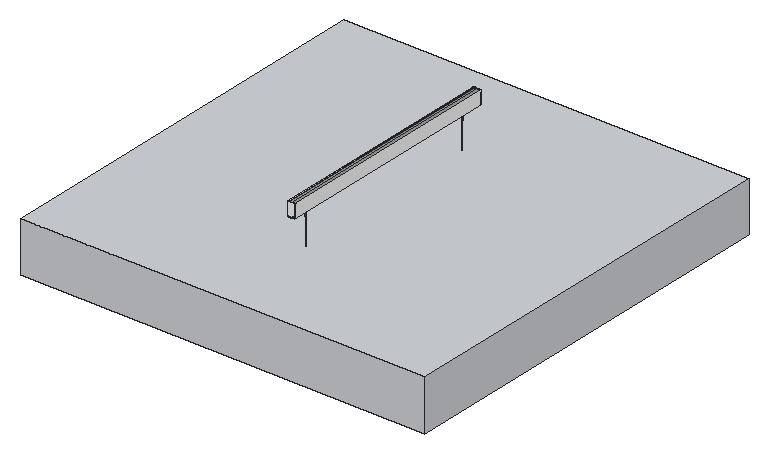
Revit family "LAMP_FIL 45 1400MM D-I OPAL COMFORT", category Luminarias, Revit 2018
Family settings
  Anfitrión = Cara
  Cota de conector redondo = Diámetro de uso
  Tipo de pieza = Normal
  Corte con vacíos al cargar = No
  Origen de luz = Sí
  Compartido = No
  Punto de cálculo de habitación = No
Parameters (values of type "5000LM 3000K  BLACK")
  Ángulo de inclinación = -90.00°
  Weight = 3.20 kg
  Wattage = 23.31 W
  UGR = "00"
  Type = "MID POWER TRIDONIC"
  built-in parameter 1150107 = 3000 (stored number, unit not read)
  Suspension distance [instance] = if(Suspension > 4000 mm, 4000 mm, if(Suspension < 1 mm, 1 mm, Suspension))  # 200 mm
  Suspension [instance] = 200 mm
  built-in parameter 1150110 = 1 (stored number, unit not read)
  built-in parameter 1150109 = 1 (stored number, unit not read)
  built-in parameter 1150112 = 1 (stored number, unit not read)
  built-in parameter 1150113 = 1 (stored number, unit not read)
  built-in parameter 1114218 = 1 (stored number, unit not read)
  Protection rating = "IP20 / IK07"
  Product datasheet = "http://www.lamp.es/product-files/TECH/F41SF140MOIP830NB-EN.pdf"
  Product code = "F41SF140MOIP830NB"
  Product URL = "https://www.lamp.es/en/family/fil-45_413951"
  Power Supply = "220-240V 50/60Hz"
  Power = 30 W
  Plum = 33.3 W
  Photobiological risk = ""
  NOT COVER 2 [instance] = not(END COVER 2)  # no
  NOT COVER 1 [instance] = not(END COVER 1)  # no
  built-in parameter 1150137 = (empty or 0)
  built-in parameter 1150132 = 2
  Modelo = Product code  # "F41SF140MOIP830NB"
  Model Explanation = ""
  Material suspension = LAMP_Acero genérico
  Material perfil = LAMP_Aluminio Perfil Fil NG
  Material difusor = LAMP_PC Difusor Opal Fil
  Manufacturer name = "LAMP"
  Manufacturer country = "Spain"
  Manufacturer URL = "http://www.lamp.es/en"
  MacAdam = "3"
  Longitud de línea de emisión = 1400 mm
  Last update = "21/04/2021"
  Lamp = "MID-POWER LED"
  LED Lifetime = "70.000 L80 B10"
  built-in parameter 1150105 = 175.85 (stored number, unit not read)
  built-in parameter 1150102 = (empty or 0)
  Insulation class = "I"
  Installation instructions = "https://www.lamp.es/product-files/INS/1004580-C%20INSTR.%20FIL45.pdf"
  Indirect light = LAMP_FIL 45 1400MM D-I OPAL COMFORT_I : 3000K
  built-in parameter 1150106 = 1.7585 (stored number, unit not read)
  IEE = "A+"
  Gear = "Electronic"
  Lumens = 2209.79 lm
  Finish = "Matte black RAL 9011"
  Color Filter = 16777215
  built-in parameter 1114217 = 1 (stored number, unit not read)
  built-in parameter 1150139 = (empty or 0)
  Fabricante = Manufacturer name  # "LAMP"
  Default Elevation = 1219.2 mm
  built-in parameter 1150104 = 8.8072 (stored number, unit not read)
  Efficacy = 94.8 lm/W
  END COVER 2 [instance] = yes
  END COVER 1 [instance] = yes
  Dimensions = "1400x45x80"
  Descripción = "FIL45 SUR 1400 5000 WW D/I OP COMF BK."
  built-in parameter 1150115 = 1 (stored number, unit not read)
  built-in parameter 1150114 = 1 (stored number, unit not read)
  built-in parameter 1150138 = (empty or 0)
  built-in parameter 1150134 = 3
  Dimming Lamp Color Temperature Shift = (empty or 0)
  CRI = "80"
  Archivo de red fotométrica = "F41SF140MOIP830NW_D.IES"
  built-in parameter 1150133 = 10 (stored number, unit not read)
Types (12, lengths in mm): name | Weight | built-in parameter 1150107 | Product datasheet | Product code | Modelo | Material perfil | built-in parameter 1150105 | Indirect light | built-in parameter 1150106 | Lumens | Finish | built-in parameter 1150104 | Efficacy | Descripción | Archivo de red fotométrica
  5000LM 3000K DALI BLACK | 3.348 kg | 3000 (stored number, unit not read) | "http://www.lamp.es/product-files/TECH/F41SF140MOIP830DB-EN.pdf" | "F41SF140MOIP830DB" | "F41SF140MOIP830DB" | LAMP_Aluminio Perfil Fil NG | 157.3 (stored number, unit not read) | LAMP_FIL 45 1400MM D-I OPAL COMFORT_I : 3000K | 1.573 (stored number, unit not read) | 1976.69 lm | "Matte black RAL 9011" | 7.8782 (stored number, unit not read) | 94.8 lm/W | "FIL45 SUR 1400 5000 WW D/I OP COMF DA BK" | "F41SF140MOIP830NW_D.IES"
  5000LM 3000K DALI GREY | 3.348 kg | 3000 (stored number, unit not read) | "http://www.lamp.es/product-files/TECH/F41SF140MOIP830DG-EN.pdf" | "F41SF140MOIP830DG" | "F41SF140MOIP830DG" | LAMP_Aluminio Perfil Fil GR | 175.85 (stored number, unit not read) | LAMP_FIL 45 1400MM D-I OPAL COMFORT_I : 3000K | 1.7585 (stored number, unit not read) | 2209.79 lm | "Gloss grey" | 8.8072 (stored number, unit not read) | 94.8 lm/W | "FIL45 SUR 1400 5000 WW D/I OP COMF DA GR" | "F41SF140MOIP830NW_D.IES"
  5000LM 3000K DALI WHITE | 3.348 kg | 3000 (stored number, unit not read) | "http://www.lamp.es/product-files/TECH/F41SF140MOIP830DW-EN.pdf" | "F41SF140MOIP830DW" | "F41SF140MOIP830DW" | LAMP_Aluminio Perfil Fil BL | 175.85 (stored number, unit not read) | LAMP_FIL 45 1400MM D-I OPAL COMFORT_I : 3000K | 1.7585 (stored number, unit not read) | 2209.79 lm | "Matte white RAL 9010" | 8.8072 (stored number, unit not read) | 94.8 lm/W | "FIL45 SUR 1400 5000 WW D/I OP COMF DA WH" | "F41SF140MOIP830NW_D.IES"
  5000LM 3000K  BLACK | 3.20 kg | 3000 (stored number, unit not read) | "http://www.lamp.es/product-files/TECH/F41SF140MOIP830NB-EN.pdf" | "F41SF140MOIP830NB" | "F41SF140MOIP830NB" | LAMP_Aluminio Perfil Fil NG | 175.85 (stored number, unit not read) | LAMP_FIL 45 1400MM D-I OPAL COMFORT_I : 3000K | 1.7585 (stored number, unit not read) | 2209.79 lm | "Matte black RAL 9011" | 8.8072 (stored number, unit not read) | 94.8 lm/W | "FIL45 SUR 1400 5000 WW D/I OP COMF BK." | "F41SF140MOIP830NW_D.IES"
  5000LM 3000K  GREY | 3.20 kg | 3000 (stored number, unit not read) | "http://www.lamp.es/product-files/TECH/F41SF140MOIP830NG-EN.pdf" | "F41SF140MOIP830NG" | "F41SF140MOIP830NG" | LAMP_Aluminio Perfil Fil GR | 175.85 (stored number, unit not read) | LAMP_FIL 45 1400MM D-I OPAL COMFORT_I : 3000K | 1.7585 (stored number, unit not read) | 2209.79 lm | "Gloss grey" | 8.8072 (stored number, unit not read) | 94.8 lm/W | "FIL45 SUR 1400 5000 WW D/I OP COMF GR." | "F41SF140MOIP830NW_D.IES"
  5000LM 3000K  WHITE | 3.20 kg | 3000 (stored number, unit not read) | "http://www.lamp.es/product-files/TECH/F41SF140MOIP830NW-EN.pdf" | "F41SF140MOIP830NW" | "F41SF140MOIP830NW" | LAMP_Aluminio Perfil Fil BL | 175.85 (stored number, unit not read) | LAMP_FIL 45 1400MM D-I OPAL COMFORT_I : 3000K | 1.7585 (stored number, unit not read) | 2209.79 lm | "Matte white RAL 9010" | 8.8072 (stored number, unit not read) | 94.8 lm/W | "FIL45 SUR 1400 5000 WW D/I OP COMF WH." | "F41SF140MOIP830NW_D.IES"
  5000LM 4000K DALI BLACK | 3.348 kg | 4000 (stored number, unit not read) | "http://www.lamp.es/product-files/TECH/F41SF140MOIP840DB-EN.pdf" | "F41SF140MOIP840DB" | "F41SF140MOIP840DB" | LAMP_Aluminio Perfil Fil NG | 199.59 (stored number, unit not read) | LAMP_FIL 45 1400MM D-I OPAL COMFORT_I : 4000K | 1.9959 (stored number, unit not read) | 2508.16 lm | "Matte black RAL 9011" | 9.9964 (stored number, unit not read) | 107.61 lm/W | "FIL45 SUR 1400 5000 NW D/I OP COMF DA BK" | "F41SF140MOIP840NW_D.IES"
  5000LM 4000K DALI GREY | 3.348 kg | 4000 (stored number, unit not read) | "http://www.lamp.es/product-files/TECH/F41SF140MOIP840DG-EN.pdf" | "F41SF140MOIP840DG" | "F41SF140MOIP840DG" | LAMP_Aluminio Perfil Fil GR | 199.59 (stored number, unit not read) | LAMP_FIL 45 1400MM D-I OPAL COMFORT_I : 4000K | 1.9959 (stored number, unit not read) | 2508.16 lm | "Gloss grey" | 9.9964 (stored number, unit not read) | 107.61 lm/W | "FIL45 SUR 1400 5000 NW D/I OP COMF DA GR" | "F41SF140MOIP840NW_D.IES"
  5000LM 4000K DALI WHITE | 3.348 kg | 4000 (stored number, unit not read) | "http://www.lamp.es/product-files/TECH/F41SF140MOIP840DW-EN.pdf" | "F41SF140MOIP840DW" | "F41SF140MOIP840DW" | LAMP_Aluminio Perfil Fil BL | 199.59 (stored number, unit not read) | LAMP_FIL 45 1400MM D-I OPAL COMFORT_I : 4000K | 1.9959 (stored number, unit not read) | 2508.16 lm | "Matte white RAL 9010" | 9.9964 (stored number, unit not read) | 107.61 lm/W | "FIL45 SUR 1400 5000 NW D/I OP COMF DA WH" | "F41SF140MOIP840NW_D.IES"
  5000LM 4000K  BLACK | 3.20 kg | 4000 (stored number, unit not read) | "http://www.lamp.es/product-files/TECH/F41SF140MOIP840NB-EN.pdf" | "F41SF140MOIP840NB" | "F41SF140MOIP840NB" | LAMP_Aluminio Perfil Fil NG | 199.59 (stored number, unit not read) | LAMP_FIL 45 1400MM D-I OPAL COMFORT_I : 4000K | 1.9959 (stored number, unit not read) | 2508.16 lm | "Matte black RAL 9011" | 9.9964 (stored number, unit not read) | 107.61 lm/W | "FIL45 SUR 1400 5000 NW D/I OP COMF BK." | "F41SF140MOIP840NW_D.IES"
  5000LM 4000K  GREY | 3.20 kg | 4000 (stored number, unit not read) | "http://www.lamp.es/product-files/TECH/F41SF140MOIP840NG-EN.pdf" | "F41SF140MOIP840NG" | "F41SF140MOIP840NG" | LAMP_Aluminio Perfil Fil GR | 199.59 (stored number, unit not read) | LAMP_FIL 45 1400MM D-I OPAL COMFORT_I : 4000K | 1.9959 (stored number, unit not read) | 2508.16 lm | "Gloss grey" | 9.9964 (stored number, unit not read) | 107.61 lm/W | "FIL45 SUR 1400 5000 NW D/I OP COMF GR." | "F41SF140MOIP840NW_D.IES"
  5000LM 4000K  WHITE | 3.20 kg | 4000 (stored number, unit not read) | "http://www.lamp.es/product-files/TECH/F41SF140MOIP840NW-EN.pdf" | "F41SF140MOIP840NW" | "F41SF140MOIP840NW" | LAMP_Aluminio Perfil Fil BL | 199.59 (stored number, unit not read) | LAMP_FIL 45 1400MM D-I OPAL COMFORT_I : 4000K | 1.9959 (stored number, unit not read) | 2508.16 lm | "Matte white RAL 9010" | 9.9964 (stored number, unit not read) | 107.61 lm/W | "FIL45 SUR 1400 5000 NW D/I OP COMF WH." | "F41SF140MOIP840NW_D.IES"
Reference planes
  plane 1 "Centro (Frontal/Posterior)": y = 0
  plane 2: z = 0
  plane 3 "Centro (Izquierda/Derecha)": x = 0
Forms (mm)
  Extrusion 1, solid
    sketch origin (0, 0, 0) x (1, 0, 0) y (0, 1, 0)
      loop
        line (-1219.2, 1219.2) -> (-1219.2, -1219.2) -> (1219.2, -1219.2) -> (1219.2, 1219.2) -> (-1219.2, 1219.2)
    from 0 to -304.8
  Extrusion 2, solid, material "LAMP_Aluminio Perfil Fil NG" <- "Material perfil"
    sketch origin (0, 0, 0) x (1, 0, 0) y (0, 0, 1)
      loop
        arc (22.5, 285.7) -> (21.5, 286.7) -> (20.5, 285.7) r 1
        line (20.5, 285.7) -> (20.5, 284.2) -> (17.8, 284.2) -> (17.8, 259) -> (0, 259) -> (-17.8, 259) -> (-17.8, 284.2) -> (-20.5, 284.2) -> (-20.5, 285.7)
        arc (-20.5, 285.7) -> (-21.5, 286.7) -> (-22.5, 285.7) r 1
        line (-22.5, 285.7) -> (-22.5, 206.5) -> (-20.7, 206.5) -> (-20.7, 210) -> (-12.5, 210) -> (-12.5, 208) -> (-14.8, 208) -> (-14.5, 206.5) -> (-11, 206.5) -> (-11, 214.5) -> (0, 214.5) -> (11, 214.5) -> (11, 206.5) -> (14.5, 206.5) -> (14.8, 208) -> (12.5, 208) -> (12.5, 210) -> (20.7, 210) -> (20.7, 206.5) -> (22.5, 206.5) -> (22.5, 285.7)
    from -700 to 700
  Extrusion 3, solid, material "LAMP_Acero genérico" <- "Material suspension"
    sketch origin (0, 0, 0) x (1, 0, 0) y (0, 0, 1)
      loop
        line (-12.5, 201) -> (-15.291, 208.272) -> (-12.823, 210) -> (-13.823, 210) -> (-16.291, 208.272) -> (-13.116, 200) -> (0, 200) -> (13.116, 200) -> (16.291, 208.272) -> (13.823, 210) -> (12.823, 210) -> (15.291, 208.272) -> (12.5, 201) -> (0, 201) -> (-12.5, 201)
    from -600 to -578
  Extrusion 4, solid, material "LAMP_Acero genérico" <- "Material suspension"
    sketch origin (0, -224, 0) x (1, 0, 0) y (0, 1, 0)
      loop
        circle (0, -365) r 5
    from 163.2 to 200
  Extrusion 5, solid, material "LAMP_Acero genérico" <- "Material suspension"
    sketch origin (0, 224, 0) x (1, 0, 0) y (0, 1, 0)
      loop
        circle (0, 365) r 5
    from 163.2 to 200
  Extrusion 6, solid, material "LAMP_Acero genérico" <- "Material suspension"
    sketch origin (0, -200, 0) x (1, 0, 0) y (0, 1, 0)
      loop
        circle (0, -389) r 1
    from 0 to 163.2
  Extrusion 7, solid, material "LAMP_Acero genérico" <- "Material suspension"
    sketch origin (0, 200, 0) x (1, 0, 0) y (0, 1, 0)
      loop
        circle (0, 389) r 1
    from 0 to 163.2
  Extrusion 8, solid, material "LAMP_PC Difusor Opal Fil" <- "Material difusor"
    sketch origin (0, 0, 0) x (1, 0, 0) y (0, 0, 1)
      loop
        line (-20.5, 284.2) -> (0, 284.2) -> (20.5, 284.2) -> (20.5, 286.7) -> (0, 286.7) -> (-20.5, 286.7) -> (-20.5, 284.2)
    from -700 to 700
  Extrusion 9, solid, material "LAMP_Acero genérico" <- "Material suspension"
    sketch origin (0, -200, 0) x (1, 0, 0) y (0, 0, -1)
      loop
        line (-12.5, -201) -> (0, -201) -> (12.5, -201) -> (15.291, -208.272) -> (12.823, -210) -> (13.823, -210) -> (16.291, -208.272) -> (13.116, -200) -> (0, -200) -> (-13.116, -200) -> (-16.291, -208.272) -> (-13.823, -210) -> (-12.823, -210) -> (-15.291, -208.272) -> (-12.5, -201)
    from -400 to -378
  Extrusion 10, solid, material "LAMP_PC Difusor Opal Fil" <- "Material difusor"
    sketch origin (0, 0, 0) x (1, 0, 0) y (0, 0, 1)
      loop
        line (-11, 214.5) -> (-11, 206.5) -> (-7.529, 206.5) -> (11, 206.5) -> (11, 214.5) -> (10, 214.5) -> (10, 207.5) -> (-10, 207.5) -> (-10, 214.5) -> (-11, 214.5)
    from -700 to 700
Lines and regions (mm)
  reference lines
    curve 1: line (0, -445.47, 200) -> (0, 544.53, 200)
Text (mm)
  text "Any modification of the parameters and properties of the LAMP BIM models must be executed and validated by the LAMP technical department.\nPhone: +34 93 736 68 00\nE-mail: lamp@lamp.es\n\nLAMP reserves the right to modify the technical specifications of its products." at (3279.264, 5298.162, -2684.539), in view "Preview"
Dimensions and locks
  "Suspension distance": level to curve 1
  locked: Extrusion 4 to Extrusion 4 at 36.8
  locked: Extrusion 5 to Extrusion 5 at 36.8
  aligned and locked: plane 2 to Extrusion 1
  aligned and locked: level to Extrusion 1
  aligned and locked: Extrusion 8 to Extrusion 2  (x2)
  aligned and locked: Extrusion 9 to curve 1
  aligned and locked: curve 1 to Extrusion 3
  aligned and locked: curve 1 to Extrusion 4
  aligned and locked: Extrusion 5 to curve 1
  aligned and locked: Extrusion 6 to Extrusion 4
  aligned and locked: Extrusion 7 to Extrusion 5
  aligned and locked: Extrusion 2 to Extrusion 9  (x2)
  aligned and locked: imposter light to Extrusion 8
  aligned and locked: Extrusion 10 to Extrusion 2
  aligned and locked: nested 1 to Extrusion 2  (x2)
  aligned and locked: nested 2 to Extrusion 2
Automatic sketch dimensions
  Extrusion 1 sketch curve to Extrusion 1 sketch curve = 2438.4 mm  (x2)
  Extrusion 3 sketch curve to plane 3 "Centro (Izquierda/Derecha)" = 0 mm  (x2)
  Extrusion 3 sketch curve to Extrusion 3 sketch curve = 12.5 mm
  Extrusion 3 sketch curve to Extrusion 3 sketch curve = 0.323 mm  (x2)
  Extrusion 3 sketch curve to Extrusion 3 sketch curve = 0.616 mm  (x2)
  Extrusion 3 sketch curve to Extrusion 3 sketch curve = 1 mm  (x5)
  Extrusion 3 sketch curve to Extrusion 3 sketch curve = 1.468 mm  (x2)
  plane 3 "Centro (Izquierda/Derecha)" to Extrusion 3 sketch curve = 12.5 mm
  level to Extrusion 3 sketch curve = 200 mm
  Extrusion 3 sketch curve to Extrusion 3 sketch curve = 7.272 mm  (x2)
  Extrusion 3 sketch curve to Extrusion 3 sketch curve = 0 mm  (x2)
  Extrusion 3 sketch curve to Extrusion 3 sketch curve = 1.728 mm  (x2)
  Extrusion 4 sketch curve to plane 3 "Centro (Izquierda/Derecha)" = 0 mm
  plane 1 "Centro (Frontal/Posterior)" to Extrusion 4 sketch curve = 589 mm
  Extrusion 5 sketch curve to plane 3 "Centro (Izquierda/Derecha)" = 0 mm
  plane 1 "Centro (Frontal/Posterior)" to Extrusion 5 sketch curve = 589 mm
  Extrusion 6 sketch curve to plane 3 "Centro (Izquierda/Derecha)" = 0 mm
  plane 1 "Centro (Frontal/Posterior)" to Extrusion 6 sketch curve = 589 mm
  Extrusion 7 sketch curve to plane 3 "Centro (Izquierda/Derecha)" = 0 mm
  plane 1 "Centro (Frontal/Posterior)" to Extrusion 7 sketch curve = 589 mm
  Extrusion 2 sketch curve to plane 3 "Centro (Izquierda/Derecha)" = 0 mm  (x2)
  Extrusion 2 sketch curve to plane 3 "Centro (Izquierda/Derecha)" = 11 mm
  Extrusion 2 sketch curve to Extrusion 2 sketch curve = 1.5 mm  (x6)
  Extrusion 2 sketch curve to Extrusion 2 sketch curve = 2 mm  (x2)
  Extrusion 2 sketch curve to Extrusion 2 sketch curve = 0.3 mm  (x2)
  Extrusion 2 sketch curve to Extrusion 2 sketch curve = 17.8 mm
  Extrusion 2 sketch curve to Extrusion 2 sketch curve = 2.7 mm  (x2)
  Extrusion 2 sketch curve to Extrusion 2 sketch curve = 5.9 mm  (x2)
  Extrusion 2 sketch curve to Extrusion 2 sketch curve = 1 mm  (x2)
  plane 3 "Centro (Izquierda/Derecha)" to Extrusion 2 sketch curve = 11 mm
  plane 3 "Centro (Izquierda/Derecha)" to Extrusion 2 sketch curve = 17.8 mm
  level to Extrusion 2 sketch curve = 206.5 mm
  Extrusion 2 sketch curve to Extrusion 2 sketch curve = 0 mm  (x3)
  Extrusion 2 sketch curve to Extrusion 2 sketch curve = 3.5 mm  (x2)
  Extrusion 2 sketch curve to Extrusion 2 sketch curve = 4.5 mm
  Extrusion 2 sketch curve to Extrusion 2 sketch curve = 44.5 mm
  Extrusion 2 sketch curve to Extrusion 2 sketch curve = 25.2 mm  (x2)
  Extrusion 8 sketch curve to plane 3 "Centro (Izquierda/Derecha)" = 0 mm  (x2)
  Extrusion 8 sketch curve to Extrusion 8 sketch curve = 20.5 mm
  plane 3 "Centro (Izquierda/Derecha)" to Extrusion 8 sketch curve = 20.5 mm
  level to Extrusion 8 sketch curve = 284.2 mm
  Extrusion 8 sketch curve to Extrusion 8 sketch curve = 2.5 mm
  Extrusion 9 sketch curve to plane 3 "Centro (Izquierda/Derecha)" = 0 mm  (x2)
  Extrusion 9 sketch curve to Extrusion 9 sketch curve = 12.5 mm
  Extrusion 9 sketch curve to Extrusion 9 sketch curve = 0.323 mm  (x2)
  Extrusion 9 sketch curve to Extrusion 9 sketch curve = 0.616 mm  (x2)
  Extrusion 9 sketch curve to Extrusion 9 sketch curve = 1 mm  (x5)
  Extrusion 9 sketch curve to Extrusion 9 sketch curve = 1.468 mm  (x2)
  plane 3 "Centro (Izquierda/Derecha)" to Extrusion 9 sketch curve = 12.5 mm
  level to Extrusion 9 sketch curve = 210 mm
  Extrusion 9 sketch curve to Extrusion 9 sketch curve = 0 mm  (x3)
  Extrusion 9 sketch curve to Extrusion 9 sketch curve = 1.728 mm  (x2)
  Extrusion 9 sketch curve to Extrusion 9 sketch curve = 7.272 mm
  Extrusion 10 sketch curve to plane 3 "Centro (Izquierda/Derecha)" = 11 mm
  Extrusion 10 sketch curve to Extrusion 10 sketch curve = 1 mm  (x3)
  Extrusion 10 sketch curve to Extrusion 10 sketch curve = 2.471 mm
  plane 3 "Centro (Izquierda/Derecha)" to Extrusion 10 sketch curve = 10 mm
  level to Extrusion 10 sketch curve = 206.5 mm
  Extrusion 10 sketch curve to Extrusion 10 sketch curve = 7 mm  (x2)
  plane 1 "Centro (Frontal/Posterior)" to curve 1 = 445.47 mm
  curve 1 to plane 1 "Centro (Frontal/Posterior)" = 544.53 mm
  radius of Extrusion 4 sketch curve = 5 mm
  radius of Extrusion 5 sketch curve = 5 mm
  radius of Extrusion 6 sketch curve = 1 mm
  radius of Extrusion 7 sketch curve = 1 mm
Nested families
  nested 1: "LAMP_FIL 45 END COVER SURFACE" at (0, -701, 206.5), visible <- "END COVER 1", type "LAMP_FIL 45 END COVER SURFACE"
  nested 2: "LAMP_FIL 45 END COVER SURFACE" at (0, 701, 206.5), visible <- "END COVER 2", type "LAMP_FIL 45 END COVER SURFACE"
  nested 3: "LAMP_FIL 45 1400MM D-I OPAL COMFORT_I" at (0, -0.253, -1293.5), type "3000K"
Connectors
  electrical at (0, 589, 200)
    settings: on Extrusion 5, index 1, voltage 230 V, apparent load 0 VA, apparent load phase1 0 VA, apparent load phase2 0 VA, apparent load phase3 0 VA, power factor 1, load classification "Otro", number of poles 1, system type 31, power factor state 1, is connector primary yes, connector utility no, sub classification motor no, connector description ""
Definition of nested family "LAMP_FIL 45 END COVER SURFACE"
  Parameters (values of type "Blanco")
    Material tapa = none
  Reference planes
    plane 1 "Centro (Frontal/Posterior)": y = 0
    plane 2: z = 0
    plane 3 "Centro (Izquierda/Derecha)": x = 0
  Forms (mm)
    Extrusion 1, solid, material <- "Material tapa"
      sketch origin (0, 0, 0) x (0, -1, 0) y (0, 0, 1)
        loop
          line (0, 0) -> (1, 0) -> (1, 80) -> (-1, 80) -> (-1, 0) -> (0, 0)
      from -22.5 to 22.5
  Dimensions and locks
    aligned and locked: level to plane 2
Definition of nested family "LAMP_FIL 45 1400MM D-I OPAL COMFORT_I"
  Parameters (values of type "3000K")
    Tilt Angle = -90.00°
    Wattage = 9.99 W
    built-in parameter 1150110 = 1 (stored number, unit not read)
    built-in parameter 1114217 = 1 (stored number, unit not read)
    built-in parameter 1150109 = 1 (stored number, unit not read)
    built-in parameter 1150134 = (empty or 0)
    built-in parameter 1150113 = 1 (stored number, unit not read)
    Lumens = 947.052 lm
    built-in parameter 1150115 = 1 (stored number, unit not read)
    built-in parameter 1150105 = 75.364 (stored number, unit not read)
    built-in parameter 1150137 = (empty or 0)
    built-in parameter 1150139 = (empty or 0)
    built-in parameter 1150112 = 1 (stored number, unit not read)
    built-in parameter 1150114 = 1 (stored number, unit not read)
    built-in parameter 1150132 = 2
    built-in parameter 1150102 = (empty or 0)
    built-in parameter 1150138 = (empty or 0)
    built-in parameter 1150107 = 3000 (stored number, unit not read)
    built-in parameter 1150106 = 0.75364 (stored number, unit not read)
    built-in parameter 1150104 = 8.8072 (stored number, unit not read)
    Dimming Lamp Color Temperature Shift = (empty or 0)
    Color Filter = 16777215
    built-in parameter 1114218 = 1 (stored number, unit not read)
    Photometric Web File = "F41SF140MOIP830NW_I.IES"
    built-in parameter 1150133 = 10 (stored number, unit not read)
  Types (3, lengths in mm): name | built-in parameter 1150134 | Lumens | built-in parameter 1150105 | built-in parameter 1150107 | built-in parameter 1150106 | built-in parameter 1150104 | Photometric Web File
    (no name) | (empty or 0) | 947.052 lm | 75.364 (stored number, unit not read) | 3000 (stored number, unit not read) | 0.75364 (stored number, unit not read) | 8.8072 (stored number, unit not read) | "F41SF140MOIP830NW_I.IES"
    3000K | (empty or 0) | 947.052 lm | 75.364 (stored number, unit not read) | 3000 (stored number, unit not read) | 0.75364 (stored number, unit not read) | 8.8072 (stored number, unit not read) | "F41SF140MOIP830NW_I.IES"
    4000K | 12 | 1074.92 lm | 85.54 (stored number, unit not read) | 4000 (stored number, unit not read) | 0.8554 (stored number, unit not read) | 9.9964 (stored number, unit not read) | "F41SF140MOIP840NW_I.IES"
  Reference planes
    plane 1 "Eje de origen de luz (F/P)": y = 0
    plane 2: z = 0
    plane 3 "Eje de origen de luz (I/D)": x = 0
    plane 4 "Elevación de origen de luz": z = 1500
  Dimensions and locks
    aligned and locked: plane 3 "Eje de origen de luz (I/D)" to imposter light
    aligned and locked: plane 1 "Eje de origen de luz (F/P)" to imposter light
    aligned and locked: plane 4 "Elevación de origen de luz" to imposter light
    aligned and locked: level to plane 2
